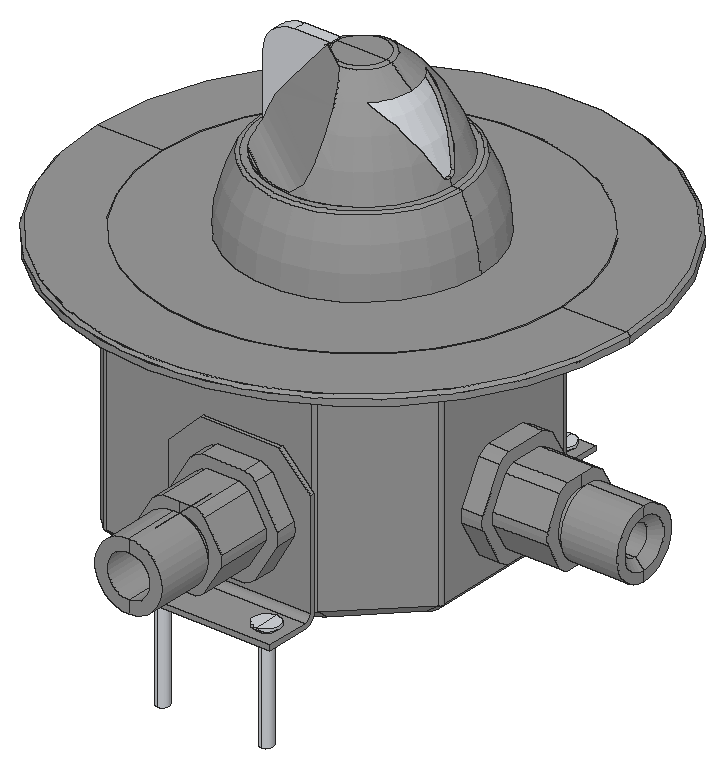
Revit family "Plumbing Fixture_Galvin_CliniMix_Wall_Mixer_CP-BS_WM-TMVPMSCSUS_W", category Plumbing Fixtures, host Face, Revit 2019
Family settings
  Host = Face
  Round Connector Dimension = Use Diameter
  Part Type = Normal
  Cut with Voids When Loaded = No
  Shared = No
  Room Calculation Point = No
Parameters (values of type "Type 1")
  Waste Connection = no
  Vent Connection = no
  Variants = "Thermostatic"
  Vandal_Resistant = no
  URL = "http://www.galvinengineering.com.au"
  Thread = "1/2\" NPT M"
  Specify_Host = "Face"
  SKU_Code = "WM-TMVPMSCSUS\r\nWM-TMVPMSCSUS\r\nWM-TMVPMSCSUS"
  Product_Type = "Mixer"
  Product_Range = "CliniMix"
  PlumbingMaterial_ANZRS = Brass
  PlumbingFinish = "Chrome"
  Mounting_Surface = "Wall"
  Mounting = "Wall"
  Manufacturer_Phone_No = "1300-514-074"
  Manufacturer_OverallWidth = 0 mm
  Manufacturer_OverallHeight = 0 mm
  Manufacturer_OverallDepth = 0 mm
  Manufacturer = "Galvin Engineering"
  Instructions = ""
  HW Connection = yes
  FlowRate = "N/A"
  FilterObject_ANZRS = ""
  Description = "CLINIMIX INWALL PROGRESSIVE SHOWER MIXER WITH GALVINCARE HANDLE -HOT/COLD (NPT)"
  Default Elevation = 0 mm
  CategoryStyleOrType_ANZRS = "Plumbing Fixture"
  CW Connection = yes
  Application = "Commercial"
  Anti_Ligature = yes
Reference planes
  plane 1 "Center (Front/Back)": y = 0
  plane 2: z = 0
  plane 3 "Center (Left/Right)": x = 0
  plane 4: x = -16.5
  plane 5: x = 16.5
  plane 6: y = 58.7
  plane 7: y = -58.7
  plane 8: z = -39.3
  plane 9: z = -55.3
  plane 10: z = -41.8
Forms (mm)
  Revolve 1, solid, material "Brass" <- "PlumbingMaterial_ANZRS"
    sketch origin (2, 0, 0) x (0, 0, 1) y (0, 1, 0)
      loop
        line (0, 0) -> (0, 34.5) -> (-20, 34.5) -> (-20, 26.5) -> (-75, 26.5) -> (-76, 25.5) -> (-76, 21.5) -> (-77, 21.5) -> (-78, 20.5) -> (-78, 0) -> (0, 0)
      axis (-78, 0) -> (0, 0)
    angle from 0 to 360
  Extrusion 2, solid, material "Brass" <- "PlumbingMaterial_ANZRS"
    sketch origin (2, 0, 0) x (1, 0, 0) y (0, 1, 0)
      loop
        arc (42.554, -25.141) -> (43.031, -24.428) -> (43.198, -23.586) r 2.2
        line (43.198, -23.586) -> (43.198, 23.586)
        arc (43.198, 23.586) -> (43.031, 24.428) -> (42.554, 25.141) r 2.2
        line (42.554, 25.141) -> (21.14, 46.556)
        arc (21.14, 46.556) -> (20.426, 47.033) -> (19.584, 47.2) r 2.2
        line (19.584, 47.2) -> (-45.473, 47.2)
        arc (-45.473, 47.2) -> (-46.315, 47.033) -> (-47.028, 46.556) r 2.2
        line (-47.028, 46.556) -> (-50.556, 43.028)
        arc (-50.556, 43.028) -> (-51.033, 42.315) -> (-51.2, 41.473) r 2.2
        line (-51.2, 41.473) -> (-51.2, -41.473)
        arc (-51.2, -41.473) -> (-51.033, -42.315) -> (-50.556, -43.028) r 2.2
        line (-50.556, -43.028) -> (-47.028, -46.556)
        arc (-47.028, -46.556) -> (-46.315, -47.033) -> (-45.473, -47.2) r 2.2
        line (-45.473, -47.2) -> (19.584, -47.2)
        arc (19.584, -47.2) -> (20.426, -47.033) -> (21.14, -46.556) r 2.2
        line (21.14, -46.556) -> (42.554, -25.141)
    from -77.689 to 0
  Extrusion 3, solid, material "Brass" <- "PlumbingMaterial_ANZRS"
    sketch origin (2, 2, -7) x (1, 0, 0) y (0, 0, -1)
      loop
        arc (4.838, 32.3) -> (6.704, 33.225) -> (8.437, 34.378) r 16.434
        line (8.437, 34.378) -> (15.275, 46.222)
        arc (15.275, 46.222) -> (15.41, 48.3) -> (15.275, 50.378) r 16.135
        line (15.275, 50.378) -> (8.437, 62.222)
        arc (8.437, 62.222) -> (6.704, 63.375) -> (4.838, 64.3) r 16.434
        line (4.838, 64.3) -> (-8.838, 64.3)
        arc (-8.838, 64.3) -> (-10.704, 63.375) -> (-12.437, 62.222) r 16.434
        line (-12.437, 62.222) -> (-19.275, 50.378)
        arc (-19.275, 50.378) -> (-19.41, 48.3) -> (-19.275, 46.222) r 16.135
        line (-19.275, 46.222) -> (-12.437, 34.378)
        arc (-12.437, 34.378) -> (-10.704, 33.225) -> (-8.838, 32.3) r 16.434
        line (-8.838, 32.3) -> (4.838, 32.3)
    from 46.7 to 53.2
  Revolve 4, solid, material "Brass" <- "PlumbingMaterial_ANZRS"
    sketch origin (4, 0, -7) x (0, 0, -1) y (1, 0, 0)
      loop
        line (37.825, 57.126) -> (37.825, 40.974) -> (40.328, 40.974) -> (40.328, 58.502) -> (39.201, 58.502) -> (37.825, 57.126)
      axis (48, 40.974) -> (48, 58.502)
    angle from 0 to 360
  Extrusion 5, solid, material "Brass" <- "PlumbingMaterial_ANZRS"
    sketch origin (5, 0, -7) x (0, -1, 0) y (0, 0, -1)
      loop
        circle (0, 48) r 11
      loop
        arc (6.838, 32.3) -> (8.694, 33.242) -> (10.437, 34.378) r 19.399
        line (10.437, 34.378) -> (17.275, 46.222)
        arc (17.275, 46.222) -> (17.405, 48.3) -> (17.275, 50.378) r 16.722
        line (17.275, 50.378) -> (10.437, 62.222)
        arc (10.437, 62.222) -> (8.694, 63.358) -> (6.838, 64.3) r 19.399
        line (6.838, 64.3) -> (-6.838, 64.3)
        arc (-6.838, 64.3) -> (-8.694, 63.358) -> (-10.437, 62.222) r 19.399
        line (-10.437, 62.222) -> (-17.275, 50.378)
        arc (-17.275, 50.378) -> (-17.405, 48.3) -> (-17.275, 46.222) r 16.722
        line (-17.275, 46.222) -> (-10.437, 34.378)
        arc (-10.437, 34.378) -> (-8.694, 33.242) -> (-6.838, 32.3) r 19.399
        line (-6.838, 32.3) -> (6.838, 32.3)
    from 40.198 to 47
  Revolve 6, solid, material "Brass" <- "PlumbingMaterial_ANZRS"
    sketch origin (2, -2, -7) x (0, 0, -1) y (0, 1, 0)
      loop
        line (35.5, -45) -> (48, -45) -> (48, -35) -> (35.5, -35) -> (33.5, -37) -> (33.5, -42) -> (35.5, -44) -> (35.5, -45)
      axis (48, -35) -> (48, -45)
    angle from 0 to 360
  Revolve 7, solid, material "Brass" <- "PlumbingMaterial_ANZRS"
    sketch origin (0, 0, 0) x (1, 0, 0) y (0, 0, 1)
      loop
        line (63.5, 3) -> (63.5, -2) -> (57.983, -2) -> (57.983, -5) -> (68, -5) -> (73, 0) -> (85.005, 0) -> (85.005, 1.994) -> (83.999, 3) -> (63.5, 3)
      axis (0, 3) -> (0, -5)
    angle from 0 to 360
  Extrusion 8, solid, material "Brass" <- "PlumbingMaterial_ANZRS"
    sketch origin (0, 0, 0) x (1, 0, 0) y (0, 1, 0)
      loop
        circle (0, 0) r 63.5
    from 0 to 3
  Extrusion 9, solid, material "Brass" <- "PlumbingMaterial_ANZRS"
    sketch origin (-96.998, 0, -7) x (0, -1, 0) y (0, 0, -1)
      loop
        arc (7.111, 32.3) -> (8.752, 33.133) -> (10.296, 34.133) r 17.5
        line (10.296, 34.133) -> (17.428, 46.487)
        arc (17.428, 46.487) -> (17.523, 48.3) -> (17.428, 50.113) r 17.5
        line (17.428, 50.113) -> (10.296, 62.467)
        arc (10.296, 62.467) -> (8.752, 63.467) -> (7.111, 64.3) r 17.5
        line (7.111, 64.3) -> (-7.066, 64.3)
        arc (-7.066, 64.3) -> (-8.748, 63.443) -> (-10.329, 62.41) r 17.5
        line (-10.329, 62.41) -> (-17.373, 50.209)
        arc (-17.373, 50.209) -> (-17.477, 48.3) -> (-17.373, 46.391) r 17.5
        line (-17.373, 46.391) -> (-10.329, 34.19)
        arc (-10.329, 34.19) -> (-8.748, 33.157) -> (-7.066, 32.3) r 17.5
        line (-7.066, 32.3) -> (7.111, 32.3)
    from 41 to 47.798
  Sweep 10, solid, material "Brass" <- "PlumbingMaterial_ANZRS"
    path origin (0, 0, 0) x (1, 0, 0) y (0, 1, 0)
      loop
        line (22.5, 47.95) -> (-22.5, 47.95)
    profile origin (0, 47.95, 0) x (0, -1, 0) y (0, 0, 1)
      loop
        line (-0.75, -33.8) -> (-0.75, -77.3)
        arc (-0.75, -77.3) -> (-1.336, -78.714) -> (-2.75, -79.3) r 2
        line (-2.75, -79.3) -> (-16.75, -79.3) -> (-16.75, -80.8) -> (-2.75, -80.8)
        arc (-2.75, -80.8) -> (-0.409, -79.91) -> (0.75, -77.689) r 3.524
        line (0.75, -77.689) -> (0.75, -33.8) -> (-0.75, -33.8)
  Sweep 11, solid, material "Brass" <- "PlumbingMaterial_ANZRS"
    path origin (0, 0, 0) x (1, 0, 0) y (0, -1, 0)
      loop
        line (22.5, 47.95) -> (-22.5, 47.95)
    profile origin (0, -47.95, 0) x (0, -1, 0) y (0, 0, 1)
      loop
        line (0.75, -33.8) -> (-0.75, -33.8) -> (-0.75, -77.689)
        arc (-0.75, -77.689) -> (0.409, -79.91) -> (2.75, -80.8) r 3.524
        line (2.75, -80.8) -> (16.75, -80.8) -> (16.75, -79.3) -> (2.75, -79.3)
        arc (2.75, -79.3) -> (1.336, -78.714) -> (0.75, -77.3) r 2
        line (0.75, -77.3) -> (0.75, -33.8)
  Extrusion 12, void
    sketch origin (22.5, 48.7, -77.3) x (1, 0, 0) y (0, 0, 1)
      loop
        line (-10, 43.5) -> (0, 33.5) -> (0, 43.5) -> (-10, 43.5)
      loop
        line (-45, 33.5) -> (-35, 43.5) -> (-45, 43.5) -> (-45, 33.5)
    from 0 to 1.5
  Extrusion 13, void
    sketch origin (22.5, -47.2, -77.3) x (1, 0, 0) y (0, 0, 1)
      loop
        line (-10, 43.5) -> (0, 33.5) -> (0, 43.5) -> (-10, 43.5)
      loop
        line (-45, 33.5) -> (-35, 43.5) -> (-45, 43.5) -> (-45, 33.5)
    from 0 to 1.5
  Revolve 14, solid, material "Brass" <- "PlumbingMaterial_ANZRS"
    sketch origin (0.027, 2, -7) x (0, 0, -1) y (0, 1, 0)
      loop
        line (39.128, -76.803) -> (37.549, -76.803) -> (37.549, -94.7) -> (41.549, -94.7) -> (41.549, -57.2) -> (34.8, -57.2) -> (34.8, -74.7) -> (39.128, -74.7) -> (39.128, -76.803)
      loop
        line (34.8, 70.7) -> (34.8, 53.2) -> (41.549, 53.2) -> (41.549, 90.7) -> (37.549, 90.7) -> (37.549, 72.803) -> (39.128, 72.803) -> (39.128, 70.7) -> (34.8, 70.7)
      axis (48.3, -94.7) -> (48.3, 90.7)
    angle from 0 to 360
  Extrusion 15, solid, material "Brass" <- "PlumbingMaterial_ANZRS"
    sketch origin (2, -101.9, -7) x (1, 0, 0) y (0, 0, -1)
      loop
        arc (4.838, 32.3) -> (6.704, 33.225) -> (8.437, 34.378) r 16.434
        line (8.437, 34.378) -> (15.275, 46.222)
        arc (15.275, 46.222) -> (15.41, 48.3) -> (15.275, 50.378) r 16.135
        line (15.275, 50.378) -> (8.437, 62.222)
        arc (8.437, 62.222) -> (6.704, 63.375) -> (4.838, 64.3) r 16.434
        line (4.838, 64.3) -> (-8.838, 64.3)
        arc (-8.838, 64.3) -> (-10.704, 63.375) -> (-12.437, 62.222) r 16.434
        line (-12.437, 62.222) -> (-19.275, 50.378)
        arc (-19.275, 50.378) -> (-19.41, 48.3) -> (-19.275, 46.222) r 16.135
        line (-19.275, 46.222) -> (-12.437, 34.378)
        arc (-12.437, 34.378) -> (-10.704, 33.225) -> (-8.838, 32.3) r 16.434
        line (-8.838, 32.3) -> (4.838, 32.3)
    from 46.7 to 53.2
  Blend 16, solid, material "Brass" <- "PlumbingMaterial_ANZRS"
    base sketch origin (2, 0, -77.689) x (0, 1, 0) y (-1, 0, 0)
      loop
        arc (-24.673, -38.622) -> (-23.051, -39.706) -> (-21.137, -40.087) r 5
        line (-21.137, -40.087) -> (21.137, -40.087)
        arc (21.137, -40.087) -> (23.051, -39.706) -> (24.673, -38.622) r 5
        line (24.673, -38.622) -> (42.624, -20.671)
        arc (42.624, -20.671) -> (43.708, -19.049) -> (44.089, -17.135) r 5
        line (44.089, -17.135) -> (44.089, 43.089)
        arc (44.089, 43.089) -> (42.624, 46.624) -> (39.089, 48.089) r 5
        line (39.089, 48.089) -> (-39.089, 48.089)
        arc (-39.089, 48.089) -> (-42.624, 46.624) -> (-44.089, 43.089) r 5
        line (-44.089, 43.089) -> (-44.089, -17.135)
        arc (-44.089, -17.135) -> (-43.708, -19.049) -> (-42.624, -20.671) r 5
        line (-42.624, -20.671) -> (-24.673, -38.622)
    top sketch origin (2, 0, -77.689) x (0, 1, 0) y (-1, 0, 0)
      loop
        arc (-25.141, -42.554) -> (-24.428, -43.031) -> (-23.586, -43.198) r 2.2
        line (-23.586, -43.198) -> (23.586, -43.198)
        arc (23.586, -43.198) -> (24.428, -43.031) -> (25.141, -42.554) r 2.2
        line (25.141, -42.554) -> (46.556, -21.14)
        arc (46.556, -21.14) -> (47.033, -20.426) -> (47.2, -19.584) r 2.2
        line (47.2, -19.584) -> (47.2, 45.473)
        arc (47.2, 45.473) -> (47.033, 46.315) -> (46.556, 47.028) r 2.2
        line (46.556, 47.028) -> (43.028, 50.556)
        arc (43.028, 50.556) -> (42.315, 51.033) -> (41.473, 51.2) r 2.2
        line (41.473, 51.2) -> (-41.473, 51.2)
        arc (-41.473, 51.2) -> (-42.315, 51.033) -> (-43.028, 50.556) r 2.2
        line (-43.028, 50.556) -> (-46.556, 47.028)
        arc (-46.556, 47.028) -> (-47.033, 46.315) -> (-47.2, 45.473) r 2.2
        line (-47.2, 45.473) -> (-47.2, -19.584)
        arc (-47.2, -19.584) -> (-47.033, -20.426) -> (-46.556, -21.14) r 2.2
        line (-46.556, -21.14) -> (-25.141, -42.554)
    from -3.111 to 0
  Revolve 17, solid, material "Brass" <- "PlumbingMaterial_ANZRS"
    sketch origin (21.584, -0.023, 0) x (-1, 0, 0) y (0, 0, -1)
      loop
        line (-47.916, 41.8) -> (-30.416, 41.8) -> (-30.416, 50.426) -> (-65.075, 50.426) -> (-67.916, 47.584) -> (-67.916, 44.551) -> (-50.131, 44.551) -> (-50.131, 46.125) -> (-47.916, 46.125) -> (-47.916, 41.8)
      axis (-67.916, 55.3) -> (-30.416, 55.3)
    angle from 0 to 360
  Revolve 18, solid
    sketch origin (-16.5, 0, 0) x (0, 1, 0) y (0, 0, 1)
      loop
        line (58.7, -112.3) -> (60.7, -112.3) -> (60.7, -79.653) -> (62.688, -78.1) -> (62.688, -77.3) -> (58.7, -77.3) -> (58.7, -112.3)
      axis (58.7, -77.3) -> (58.7, -112.3)
    angle from 0 to 360
  Revolve 19, solid
    sketch origin (16.5, 0, 0) x (0, 1, 0) y (0, 0, -1)
      loop
        line (58.7, 112.3) -> (58.7, 77.3) -> (62.688, 77.3) -> (62.688, 78.1) -> (60.7, 79.653) -> (60.7, 112.3) -> (58.7, 112.3)
      axis (58.7, 77.3) -> (58.7, 112.3)
    angle from 0 to 360
  Revolve 20, solid
    sketch origin (-16.5, 0, 0) x (0, -1, 0) y (0, 0, -1)
      loop
        line (58.7, 112.3) -> (58.7, 77.3) -> (62.688, 77.3) -> (62.688, 78.1) -> (60.7, 79.653) -> (60.7, 112.3) -> (58.7, 112.3)
      axis (58.7, 77.3) -> (58.7, 112.3)
    angle from 0 to 360
  Revolve 21, solid
    sketch origin (16.5, 0, 0) x (0, -1, 0) y (0, 0, 1)
      loop
        line (58.7, -112.3) -> (60.7, -112.3) -> (60.7, -79.653) -> (62.688, -78.1) -> (62.688, -77.3) -> (58.7, -77.3) -> (58.7, -112.3)
      axis (58.7, -77.3) -> (58.7, -112.3)
    angle from 0 to 360
  Extrusion 22, void
    sketch origin (52, 0, -7) x (0, 1, 0) y (0, 0, -1)
      loop
        circle (-0.023, 48.3) r 15.851
      loop
        line (7.192, 35.804) -> (14.407, 48.3) -> (7.192, 60.796) -> (-7.237, 60.796) -> (-14.452, 48.3) -> (-7.237, 35.804) -> (7.192, 35.804)
    from 0 to -31.065
  Extrusion 23, void
    sketch origin (2, 55.2, -7) x (-1, 0, 0) y (0, 0, -1)
      loop
        line (9.217, 35.8) -> (16.434, 48.3) -> (9.217, 60.8) -> (-5.217, 60.8) -> (-12.434, 48.3) -> (-5.217, 35.8) -> (9.217, 35.8)
      loop
        circle (2, 48.3) r 18.475
    from 0 to -17.5
  Extrusion 24, void
    sketch origin (2, -55.2, -7) x (-1, 0, 0) y (0, 0, 1)
      loop
        line (9.217, -35.8) -> (-5.217, -35.8) -> (-12.434, -48.3) -> (-5.217, -60.8) -> (9.217, -60.8) -> (16.434, -48.3) -> (9.217, -35.8)
      loop
        circle (2, -48.3) r 18.475
    from 0 to -17.5
Cuts and joins
  Extrusion 12, Extrusion 22, Extrusion 23 cuts Revolve 1
  Extrusion 12, Extrusion 13, Extrusion 22, Extrusion 23 cuts Extrusion 2
  Extrusion 22, Extrusion 23 cuts Blend 16
  joined: Extrusion 2, Blend 16
  Extrusion 12, Extrusion 13, Extrusion 23 cuts Sweep 10
  Extrusion 12, Extrusion 13, Extrusion 23 cuts Sweep 11
  Extrusion 22 cuts Revolve 4
  Extrusion 22 cuts Revolve 17
  joined: Revolve 4, Revolve 17
  Extrusion 22 cuts Extrusion 5
  Extrusion 22 cuts Extrusion 9
  Extrusion 23, Extrusion 24 cuts Extrusion 3
  Extrusion 23, Extrusion 24 cuts Revolve 14
  Extrusion 23 cuts Extrusion 15
Dimensions and locks
  aligned and locked: plane 2 to host face
  aligned and locked: level to host face
Nested families
  nested 1: "X_GALVIN_CLINIMIX_WALL_MIXER" at (0, 0, 0), type "Type 1"
  nested 2: "GalvinCare_Text" at (53.912, 18.88, 3) x (0.3699, -0.9291, 0) z (0, 0, 1), type "07_Hot"
  nested 3: "GalvinCare_Text" at (54.955, -17.19, 3) x (-0.3173, -0.9483, 0) z (0, 0, 1), type "06_Cold"
  nested 4: "GalvinCare_Text" at (-52.59, -0.52, 3) x (0, -1, 0) z (0, 0, 1), type "01_GalvinCare"
  nested 5: "GalvinCare_Text" at (29.863, -1.549, 3) x (0, -1, 0) z (0, 0, 1), type "12_Arrow"
Definition of nested family "X_GALVIN_CLINIMIX_WALL_MIXER"
  Parameters (values of type "Type 1")
    URL = ""
    PlumbingMaterial_ANZRS = none
    Manufacturer = ""
    Description = ""
  Reference planes
    plane 1 "Center (Front/Back)": y = 0
    plane 2: z = 0
    plane 3 "Center (Left/Right)": x = 0
    plane 4: x = -2
    plane 5: x = 2
    plane 6: through (0, -1524, 0) normal (-0.7608, 0, -0.649)
    plane 7: through (0, -1524, 0) normal (-0.7608, 0, 0.649)
    plane 8: through (-3187.65, 2366.406, 25) normal (0.6018, 0.7986, 0)
    plane 9: through (-3187.65, -2366.406, 25) normal (-0.6018, 0.7986, 0)
  Forms (mm)
    Revolve 1, solid, material <- "PlumbingMaterial_ANZRS"
      sketch origin (0, 0, 0) x (0, 0, 1) y (1, 0, 0)
        loop
          line (3, 0) -> (53.7, 0) -> (53.7, 7.861)
          arc (53.7, 7.861) -> (53.591, 8.575) -> (53.273, 9.224) r 2.388
          arc (53.273, 9.224) -> (40.897, 21.444) -> (25, 28.5) r 48.393
          line (25, 28.5) -> (25, 30.474)
          arc (25, 30.474) -> (24.857, 31.117) -> (24.455, 31.639) r 1.517
          arc (24.455, 31.639) -> (14.104, 35.944) -> (3, 37.49) r 43.961
          line (3, 37.49) -> (3, 0)
        axis (3, 0) -> (53.7, 0)
      angle from 0 to 360
    Extrusion 2, solid
      sketch origin (0, 0, 0) x (0, 0, -1) y (1, 0, 0)
        loop
          line (-25, -30) -> (-25, -8.322) -> (-53.7, -8.322) -> (-53.7, -20)
          arc (-53.7, -20) -> (-50.771, -27.071) -> (-43.7, -30) r 10
          line (-43.7, -30) -> (-25, -30)
      from -2 to 2
    Extrusion 3, void
      sketch origin (0, 0, 0) x (0, -1, 0) y (0, 0, -1)
        loop
          arc (-0.726, -27) -> (-1.8, -27.313) -> (-2.538, -28.155) r 2
          line (-2.538, -28.155) -> (-11.674, -47.746) -> (11.674, -47.746) -> (2.538, -28.155)
          arc (2.538, -28.155) -> (1.8, -27.313) -> (0.726, -27) r 2
          line (0.726, -27) -> (-0.726, -27)
      from 8.984 to 30.343
    Revolve 4, solid
      sketch origin (0, 0, 0) x (0, 0, -1) y (1, 0, 0)
        loop
          line (-27, 0) -> (-27, 26.623)
          arc (-27, 26.623) -> (-39.629, 20.464) -> (-50.113, 11.112) r 51.312
          line (-50.113, 11.112) -> (-50.113, 0) -> (-27, 0)
        axis (-27, 0) -> (-50.113, 0)
      angle from -58.79 to 62.094
    Extrusion 5, void
      sketch origin (24.044, -18.093, 0) x (0.601815, 0.798636, 0) y (0, 0, -1)
        loop
          line (-27.365, -25.487) -> (-31.958, -25.487) -> (-16.614, -52.648) -> (-16.614, -54.704) -> (-7.404, -54.704) -> (-7.404, -52.96)
          spline (-7.404, -52.96) -> (-9.299, -49.314) -> (-11.275, -45.449) -> (-13.243, -41.552) -> (-15.118, -37.807) -> (-16.811, -34.398) -> (-18.256, -31.489) -> (-19.507, -29.132) -> (-20.656, -27.336) -> (-21.796, -26.114) -> (-23.025, -25.476) -> (-24.663, -25.339) -> (-27.365, -25.487)
      from 9.921 to 50.173
    Extrusion 6, void
      sketch origin (24.044, 18.093, 0) x (0.601815, -0.798636, 0) y (0, 0, 1)
        loop
          spline (-27.365, 25.487) -> (-24.663, 25.339) -> (-23.025, 25.476) -> (-21.796, 26.114) -> (-20.656, 27.336) -> (-19.507, 29.132) -> (-18.256, 31.489) -> (-16.811, 34.398) -> (-15.118, 37.807) -> (-13.243, 41.552) -> (-11.275, 45.449) -> (-9.299, 49.314) -> (-7.404, 52.96)
          line (-7.404, 52.96) -> (-7.404, 54.704) -> (-16.614, 54.704) -> (-16.614, 52.648) -> (-31.958, 25.487) -> (-27.365, 25.487)
      from 9.921 to 50.173
  Cuts and joins
    Extrusion 3, Extrusion 5, Extrusion 6 cuts Revolve 1
  Dimensions and locks
    aligned and locked: level to plane 2
Definition of nested family "GalvinCare_Text"
  Parameters (values of type "12_Arrow")
    Type # = 12
    Press to Activate = Type # = 10  # no
    ON = Type # = 8  # no
    OFF = Type # = 9  # no
    Hot = Type # = 7  # no
    HandShower_Right = Type # = 4  # no
    HandShower_Left = Type # = 5  # no
    GalvinEngineering = Type # = 11  # no
    GalvinCare = Type # = 1  # no
    FixedShower_Right = Type # = 2  # no
    FixedShower_Left = Type # = 3  # no
    Default Elevation = 1219.2 mm
    Cold = Type # = 6  # no
    Arrow = Type # = 12  # yes
  Types (12, lengths in mm): name | Type # | Press to Activate | ON | OFF | Hot | HandShower_Right | HandShower_Left | GalvinEngineering | GalvinCare | FixedShower_Right | FixedShower_Left | Default Elevation | Cold | Arrow
    01_GalvinCare | 1 | no | no | no | no | no | no | no | yes | no | no | 1219.2 | no | no
    04_HandShower_Right | 4 | no | no | no | no | yes | no | no | no | no | no | 1219.2 | no | no
    05_HandSHower_Left | 5 | no | no | no | no | no | yes | no | no | no | no | 1219.2 | no | no
    02_FixedShower_Right | 2 | no | no | no | no | no | no | no | no | yes | no | 1219.2 | no | no
    03_FIxedShower_Left | 3 | no | no | no | no | no | no | no | no | no | yes | 1219.2 | no | no
    09_OFF | 9 | no | no | yes | no | no | no | no | no | no | no | 1219.2 | no | no
    06_Cold | 6 | no | no | no | no | no | no | no | no | no | no | 1219.2 | yes | no
    07_Hot | 7 | no | no | no | yes | no | no | no | no | no | no | 1219.2 | no | no
    08_ON | 8 | no | yes | no | no | no | no | no | no | no | no | 1219.2 | no | no
    10_Press to Activate | 10 | yes | no | no | no | no | no | no | no | no | no | 0 | no | no
    11_GalvinEngineering | 11 | no | no | no | no | no | no | yes | no | no | no | 0 | no | no
    12_Arrow | 12 | no | no | no | no | no | no | no | no | no | no | 1219.2 | no | yes
  Reference planes
    plane 1 "Center (Front/Back)": y = 0
    plane 2: z = 0
    plane 3 "Center (Left/Right)": x = 0
  Forms (mm)
    Extrusion 1, solid
      sketch origin (0, 0, 0) x (1, 0, 0) y (0, 1, 0)
        loop
          line (-1219.2, 1219.2) -> (-1219.2, -1219.2) -> (1219.2, -1219.2) -> (1219.2, 1219.2) -> (-1219.2, 1219.2)
      from 0 to -304.8
  Dimensions and locks
    aligned and locked: plane 2 to Extrusion 1
    aligned and locked: level to Extrusion 1
